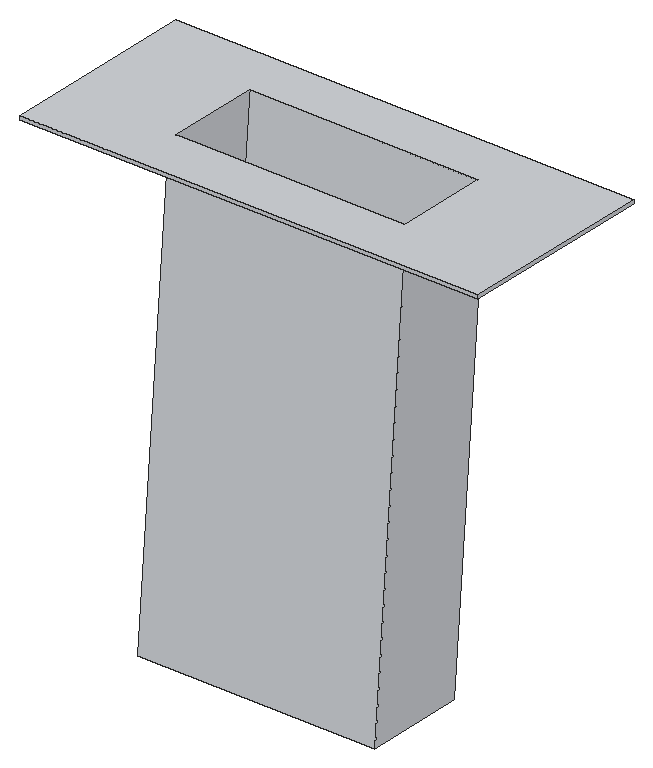
Revit family "Viking Roofspec Scupper 04 M15", category Pipe Fittings, host Face, Revit 2021
Family settings
  Host = Face
  Round Connector Dimension = Use Diameter
  Part Type = Cap
  Cut with Voids When Loaded = Yes
  Shared = No
Parameters (values of type "Scuppers - 200mm x 80mm Overflow")
  URL = "www.vikingroofspec.co.nz"
  Type Comments = "Viking Roofspec 200x80mm TPO overflow scupper STP604, installed as per manufacturers instructions."
  Model = "STP604"
  Material = Viking Roofspec - Rubber/PVC White
  Manufacturer = "Viking Roofspec"  # constant formula
  Leg Cut Offset = 45 mm
  Leg Length Specified [instance] = 389 mm
  Leg Cut Width = 200 mm
  Leg Cut Height = 80 mm
  Flange Cut Width = 5 mm
  Flange Cut Length = 5 mm
  Default Elevation = 0 mm
  Component = STP604 : STP604
Reference planes
  plane 1 "Center (Front/Back)": y = 0
  plane 2: z = 0
  plane 3 "Center (Left/Right)": x = 0
  plane 4 "Pipe Connector": z = -116.857
  plane 5: x = -100
  plane 6: x = 100
  plane 7: y = 43.4
  plane 8: y = 123.4
  plane 9: y = -1.6
Forms (mm)
  Extrusion 1, void
    sketch origin (0, 0, 0) x (0, 1, 0) y (0, 0, 1)
      loop
        line (123.4, 0) -> (43.4, 0) -> (9.367, -389) -> (89.367, -389) -> (123.4, 0)
    from -100 to 100
  Extrusion 2, void
    sketch origin (0, 0, 0) x (1, 0, 0) y (0, 0, 1)
      loop
        line (-2.5, 5) -> (-2.5, 0) -> (2.5, 0) -> (2.5, 5) -> (-2.5, 5)
    from 0 to 1.6
Lines and regions (mm)
  reference lines
    curve 1: line (0, 123.4, -389) -> (0, 43.4, -389)
Dimensions and locks
  locked: host face to plane 4 "Pipe Connector" at 116.857
  "Leg Length Specified": plane 2 to curve 1
  equal spacing: plane 5, plane 3 "Center (Left/Right)", plane 6
  "Leg Cut Width": plane 5 to plane 6
  "Leg Cut Offset": plane 9 to plane 7
  "Leg Cut Height": plane 7 to plane 8
  locked: plane 9 to plane 1 "Center (Front/Back)" at 1.6
  equal spacing: Extrusion 2 sketch curve, plane 3 "Center (Left/Right)", Extrusion 2 sketch curve
  "Flange Cut Width": Extrusion 2 sketch curve to Extrusion 2 sketch curve
  "Flange Cut Length": Extrusion 2 sketch curve to host face
  locked: Extrusion 1 sketch curve to level (angle 95.00°)  (x2)
  aligned and locked: plane 2 to host face
  aligned and locked: level to host face
  aligned and locked: level to Extrusion 1 sketch curve
  aligned and locked: plane 7 to Extrusion 1 sketch curve
  aligned and locked: plane 8 to Extrusion 1 sketch curve
  aligned and locked: Extrusion 1 sketch curve to level
  aligned and locked: curve 1 to Extrusion 1 sketch curve
  aligned and locked: plane 8 to curve 1
  aligned and locked: plane 7 to curve 1
  aligned and locked: Extrusion 2 to level
  aligned and locked: plane 6 to Extrusion 1
  aligned and locked: Extrusion 1 to plane 5
Automatic sketch dimensions
  host sketch curve to host sketch curve = 2438.4 mm  (x2)
  Extrusion 2 sketch curve to level = 0 mm
Nested families
  nested 1: "STP604" at (0, -0.006, 0), Leg Length Specified <- "Leg Length Specified", Material <- "Material", type <- "Component", type "STP604"
    with Real Leg Length 389 mm, Material Viking Roofspec - Rubber/PVC White, Leg Length Specified 389 mm
Definition of nested family "STP604"
  Parameters (values of type "STP604")
    Real Leg Length [instance] = if(Leg Length Specified < 100 mm, 100 mm, if(Leg Length Specified > 389 mm, 389 mm, Leg Length Specified))  # 389 mm
    Material [instance] = none
    Manufacturer = "Viking Roofspec"  # constant formula
    Leg Length Specified [instance] = 389 mm
    Default Elevation = 1219.2 mm
  Reference planes
    plane 1 "Center (Front/Back)": y = 0
    plane 2: z = 0
    plane 3 "Center (Left/Right)": x = 0
    plane 4: z = -389
  Forms (mm)
    Extrusion 1, solid, material <- "Material"
      sketch origin (0, 45, -0.006) x (0, 0, -1) y (0, 1, 0)
        loop
          line (-0.006, -45.006) -> (-0.006, 124.994) -> (-3.006, 124.994) -> (-3.006, -45.006) -> (-0.006, -45.006)
      from -200 to 200
    Extrusion 2, solid, material <- "Material"
      sketch origin (0, 45, -0.006) x (0, 0, -1) y (0, 1, 0)
        loop
          line (0, 83.177) -> (0, -3.152) -> (388.994, -37.185) -> (388.994, 49.144) -> (0, 83.177)
      from -103.5 to 103.5
    Extrusion 3, void
      sketch origin (0, 45, -0.006) x (0, 0, -1) y (0, 1, 0)
        loop
          line (388.994, -34.173) -> (388.994, 46.132) -> (-11.606, 81.18) -> (-11.606, 0.875) -> (388.994, -34.173)
      from -100 to 100
  Cuts and joins
    Extrusion 3 cuts Extrusion 1
    Extrusion 3 cuts Extrusion 2
    joined: Extrusion 1, Extrusion 2
  Dimensions and locks
    "Real Leg Length": level to plane 4
    plane 1 "Center (Front/Back)" to Extrusion 2 sketch curve = 128.177 mm
    Extrusion 3 sketch curve to plane 2 = 11.6 mm
    plane 1 "Center (Front/Back)" to Extrusion 3 sketch curve = 45.875 mm
    plane 1 "Center (Front/Back)" to Extrusion 3 sketch curve = 126.18 mm
    plane 1 "Center (Front/Back)" to Extrusion 2 sketch curve = 41.848 mm
    locked: Extrusion 2 sketch curve to level (angle 95.00°)
    locked: level to Extrusion 2 sketch curve (angle 85.00°)
    locked: Extrusion 3 sketch curve to level (angle 95.00°)
    locked: level to Extrusion 3 sketch curve (angle 85.00°)
    aligned and locked: level to plane 2
    aligned and locked: plane 4 to Extrusion 2
  Automatic sketch dimensions
    Extrusion 1 sketch curve to level = 0 mm
    Extrusion 1 sketch curve to plane 1 "Center (Front/Back)" = 169.994 mm
    Extrusion 1 sketch curve to Extrusion 1 sketch curve = 3 mm
    plane 1 "Center (Front/Back)" to Extrusion 1 sketch curve = 0.006 mm
    plane 4 to Extrusion 3 sketch curve = 0 mm
    plane 4 to Extrusion 2 sketch curve = 0 mm
    Extrusion 2 sketch curve to level = 0.006 mm
